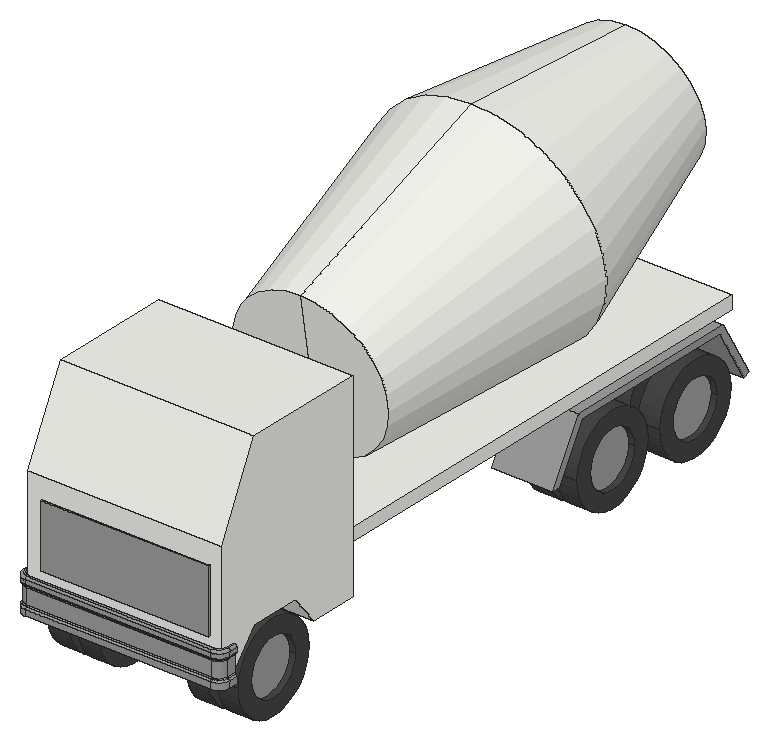
Revit family
Parameters (values of type "콘크리트 트럭")
  택시 재료 = 금속 - 페인트 마감 - 흰색, 무광
  타이어 재료 = 플라스틱 - 검은색
  트레일러 재료 = 금속 - 페인트 마감 - 흰색, 무광
Reference planes
  plane 1 "중심(왼쪽/오른쪽)": x = -43.962
  plane 2: z = 0
  plane 3 "앞면": y = -4223.238
  plane 4: z = 457.2
  plane 5: z = 457.2
  plane 6: y = -4680.438
  plane 7: z = 457.2
  plane 8: z = 457.2
  plane 9 "중심(앞/뒤)": y = -146.538
  plane 10 "뒤로": y = 3930.162
Forms (mm)
  Extrusion 1, solid, material "금속 - 스틸"
    sketch origin (-43.962, -4223.238, 0) x (0, -1, 0) y (1, 0, 0)
      loop
        line (-2540, 406.4) -> (-8001, 406.4) -> (-8001, -406.4) -> (-2540, -406.4) -> (-2540, -754.278) -> (-1219.2, -754.278) -> (-1219.2, 769.722) -> (-2540, 769.722) -> (-2540, 406.4)
    from 711.2 to 1219.2
  Extrusion 2, solid, material "플라스틱 - 검은색" <- "타이어 재료"
    sketch origin (-43.962, 1371.6, 0) x (0, -1, 0) y (0, 0, -1)
      loop
        circle (-1720.362, -514.35) r 520.7
      loop
        circle (4502.638, -514.35) r 520.7
      loop
        circle (-501.162, -514.35) r 520.7
      loop
        circle (4502.638, -514.35) r 330.2
      loop
        circle (-501.162, -514.35) r 330.2
      loop
        circle (-1720.362, -514.35) r 330.2
    from 873.125 to 1127.125
  Sweep 3, solid, material "금속 - 크롬 플레이트"
    path origin (5638.8, 4648.2, 0) x (1, 0, 0) y (0, 1, 0)
      loop
        line (-6901.962, -8439.638) -> (-6901.962, -8541.238)
        arc (-6901.962, -8541.238) -> (-6864.764, -8631.041) -> (-6774.962, -8668.238) r 127
        line (-6774.962, -8668.238) -> (-4590.562, -8668.238)
        arc (-4590.562, -8668.238) -> (-4500.759, -8631.041) -> (-4463.562, -8541.238) r 127
        line (-4463.562, -8541.238) -> (-4463.562, -8439.638)
    profile origin (0, -3842.238, 0) x (1, 0, 0) y (0, 0, 1)
      loop
        line (-1263.162, 661.014) -> (-1212.362, 661.014) -> (-1212.362, 1067.414) -> (-1237.762, 1067.414)
        arc (-1237.762, 1067.414) -> (-1255.722, 1059.975) -> (-1263.162, 1042.014) r 25.4
        line (-1263.162, 1042.014) -> (-1263.162, 991.214) -> (-1243.66, 971.713)
        arc (-1243.66, 971.713) -> (-1238.154, 963.473) -> (-1236.221, 953.753) r 25.4
        line (-1236.221, 953.753) -> (-1236.221, 771.595)
        arc (-1236.221, 771.595) -> (-1238.154, 761.875) -> (-1243.66, 753.634) r 25.4
        line (-1243.66, 753.634) -> (-1263.162, 734.133) -> (-1263.162, 661.014)
  Extrusion 4, solid, material "금속 - 페인트 마감 - 흰색, 무광"
    sketch origin (-43.962, 1371.6, 0) x (0, -1, 0) y (0, 0, 1)
      loop
        line (4808.307, 3098.8) -> (3359.638, 3098.8) -> (3359.638, 762) -> (3931.138, 762) -> (4214.99, 1100.281) -> (4810.21, 1100.281) -> (5095.504, 760.281) -> (5289.665, 760.281) -> (5289.665, 2133.6) -> (4808.307, 3098.8)
    from -1143 to 1143
  Extrusion 5, solid, material "플라스틱 - 검은색" <- "타이어 재료"
    sketch origin (-43.962, 1371.6, 0) x (0, -1, 0) y (0, 0, 1)
      loop
        circle (-1720.362, 514.35) r 520.7
      loop
        circle (4502.638, 514.35) r 520.7
      loop
        circle (-501.162, 514.35) r 520.7
      loop
        circle (-1720.362, 514.35) r 330.2
      loop
        circle (-501.162, 514.35) r 330.2
      loop
        circle (4502.638, 514.35) r 330.2
    from 873.125 to 1127.125
  Revolve 6, solid, material "금속 - 페인트 마감 - 흰색, 무광"
    sketch origin (-43.962, 0, 0) x (0, -1, 0) y (0, 0, 1)
      loop
        line (1168.011, 2355.21) -> (-3620.309, 3197.729) -> (-3762.828, 2387.741) -> (-1686.164, 1454.737) -> (1009.571, 1454.737) -> (1168.011, 2355.21)
      axis (1168.011, 2355.21) -> (-3620.309, 3197.729)
    angle from 0 to 360
  Extrusion 7, solid, material "금속 - 페인트 마감 - 흰색, 무광"
    sketch origin (5638.8, 1371.6, 0) x (1, 0, 0) y (0, 1, 0)
      loop
        line (-6658.652, -3359.638) -> (-4677.452, -3359.638) -> (-4677.452, 2406.162) -> (-6658.652, 2406.162) -> (-6658.652, -3359.638)
    from 1219.2 to 1369.814
  Extrusion 8, solid, material "플라스틱 - 검은색" <- "타이어 재료"
    sketch origin (-409.087, 1371.6, 0) x (0, -1, 0) y (0, 0, -1)
      loop
        circle (-1720.362, -514.35) r 520.7
      loop
        circle (4502.638, -514.35) r 520.7
      loop
        circle (-501.162, -514.35) r 520.7
    from 873.125 to 1127.125
  Extrusion 9, solid, material "플라스틱 - 검은색" <- "타이어 재료"
    sketch origin (321.163, 1371.6, 0) x (0, -1, 0) y (0, 0, 1)
      loop
        circle (-1720.362, 514.35) r 520.7
      loop
        circle (4510.892, 511.427) r 520.7
      loop
        circle (-501.162, 514.35) r 520.7
    from 873.125 to 1127.125
  Extrusion 10, solid, material "금속 - 크롬 플레이트"
    sketch origin (-1171.087, 1371.6, 0) x (0, -1, 0) y (0, 0, 1)
      loop
        line (-2504.642, 557.862) -> (-2438.219, 520.522) -> (-2088.29, 1143) -> (-43.263, 1143) -> (293.743, 559.289) -> (381.731, 559.289) -> (0.731, 1219.2) -> (-2132.869, 1219.2) -> (-2504.642, 557.862)
    from -720.725 to 0
  Extrusion 11, solid, material "금속 - 크롬 플레이트"
    sketch origin (1083.163, 1371.6, 0) x (0, -1, 0) y (0, 0, -1)
      loop
        line (-2504.642, -557.862) -> (-2132.869, -1219.2) -> (0.731, -1219.2) -> (381.731, -559.289) -> (293.743, -559.289) -> (-43.263, -1143) -> (-2088.29, -1143) -> (-2438.219, -520.522) -> (-2504.642, -557.862)
    from -720.725 to 0
  Extrusion 12, solid, material "금속 - 스틸"
    sketch origin (-1186.962, -3918.065, 760.281) x (1, 0, 0) y (0, 0, 1)
      loop
        line (166.7, 1132.987) -> (166.7, 382.719) -> (2148.31, 382.719) -> (2148.31, 1132.987) -> (166.7, 1132.987)
    from 0 to 23.416
  Extrusion 13, solid, material "금속 - 스틸"
    sketch origin (-1171.087, 1371.6, 0) x (0, -1, 0) y (0, 0, 1)
      loop
        circle (4502.638, 514.35) r 330.2
      loop
        circle (-501.162, 514.35) r 330.2
      loop
        circle (-1720.362, 514.35) r 330.2
    from -254 to -98.227
  Extrusion 14, solid, material "금속 - 스틸"
    sketch origin (1083.163, 1371.6, 0) x (0, -1, 0) y (0, 0, -1)
      loop
        circle (4500.819, -514.345) r 330.2
      loop
        circle (-502.981, -514.345) r 330.2
      loop
        circle (-1720.362, -514.35) r 330.2
    from -254 to -81.558
Lines and regions (mm)
  Split face 1
    outline origin (1099.038, 1371.6, 0) x (0, -1, 0) y (0, 0, 1)
      loop
        line (5134.482, 2060.692) -> (4686.521, 2939.865) -> (3664.438, 2939.865) -> (3664.438, 1066.786) -> (3944.637, 1066.786) -> (4157.769, 1320.786) -> (5134.482, 1320.786) -> (5134.482, 2060.692)
  Split face 2
    outline origin (1099.038, 1371.6, 0) x (0, -1, 0) y (0, 0, 1)
      loop
        line (4645.054, 2870.755) -> (3744.445, 2870.755) -> (3744.445, 2184.955) -> (4994.486, 2184.955) -> (4645.054, 2870.755)
  Split face 3
    outline origin (-1186.962, -3918.065, 2133.6) x (1, 0, 0) y (0, 0.446292, 0.894888)
      loop
        line (76.2, 80.718) -> (2199.11, 80.718) -> (2199.11, 918.918) -> (76.2, 918.918) -> (76.2, 80.718)
  Split face 4
    outline origin (-1186.962, 1371.6, 0) x (0, -1, 0) y (0, 0, 1)
      loop
        line (3664.438, 2939.865) -> (3664.438, 1066.786) -> (3944.637, 1066.786) -> (4157.769, 1320.786) -> (5137.638, 1320.786) -> (5137.638, 2033.444) -> (4685.595, 2939.865) -> (3664.438, 2939.865)
  Split face 5
    outline origin (-1186.962, 1371.6, 0) x (0, -1, 0) y (0, 0, 1)
      loop
        line (3742.556, 2870.755) -> (3742.556, 2184.955) -> (4991.428, 2184.955) -> (4649.411, 2870.755) -> (3742.556, 2870.755)
Dimensions and locks
  aligned and locked: Extrusion 5 to Extrusion 13
